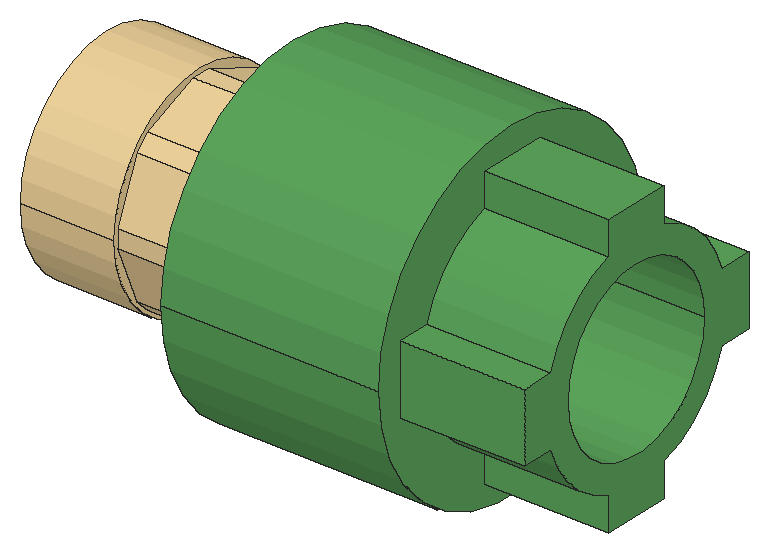
Revit family "Aquatherm_Контрдеталь", category Соединительные детали трубопроводов, Revit 2019
Family settings
  Размер круглого соединителя = Использовать диаметр
  Тип детали = Переход
  На основе рабочей плоскости = Нет
  Всегда вертикально = Да
  При загрузке вырезать с полостями = Нет
  Общий = Нет
Parameters (values of type "SDR 11")
  Материал_Корпус_2 = AquaTherm латунь pipe
  Материал_Корпус = AquaTherm green pipe
  K Coefficient = 0
  z1 [instance] = (L - z) / 2  # 7.25 mm
  z [instance] = size_lookup("Контрдеталь", "z", 18 mm, d, R)  # 47 mm
  r [instance] = R - 6 mm  # 19 mm
  n1 [instance] = z  # 47 mm
  n [instance] = 0 mm  # constant formula
  k [instance] = 15 mm  # constant formula
  d2 [instance] = d + 6 mm  # 26 mm
  d1 [instance] = d - 12 mm  # 8 mm
  URL = "www.agpipe.ru"
  d [instance] = 20 mm
  SW' [instance] = SW - 1 mm  # 23 mm
  SW [instance] = size_lookup("Контрдеталь", "SW", 18 mm, d, R)  # 24 mm
  SDR = 11 mm
  R [instance] = 25 mm
  L [instance] = size_lookup("Контрдеталь", "L", 18 mm, d, R)  # 61.5 mm
  D1 [instance] = D - 6 mm  # 32.5 mm
  D [instance] = size_lookup("Контрдеталь", "D", 18 mm, d, R)  # 38.5 mm
  ADSK_Примечание = ""
  ADSK_Позиция [instance] = ""
  ADSK_Обозначение = ""
  ADSK_Наименование [instance] = size_lookup("Контрдеталь", "ADSK_Наименование", "Нет в каталоге", d, R)  # "Контрдеталь DN20x1''"
  ADSK_Масса_Текст [instance] = size_lookup("Контрдеталь", "ADSK_Масса_Текст", "Нет в каталоге", d, R)  # "0.151"
  ADSK_Код изделия [instance] = size_lookup("Контрдеталь", "ADSK_Код изделия", "Нет в каталоге", d, R)  # "27310"
  ADSK_Завод-изготовитель = "Aquatherm"  # constant formula
  ADSK_Единица измерения = "шт."  # constant formula
  1 [instance] = 1 = 1  # yes
Types (5, lengths in mm): name | SDR
  (no name) | 11
  SDR 6 | 6
  SDR 7.4 | 7.4
  SDR 9 | 9
  SDR 11 | 11
Reference planes
  plane 1 "По центру (Вперед/Назад)": y = 0
  plane 2: z = 0
  plane 3 "По центру (Влево/Вправо)": x = 0
  plane 4: x = -30.75
  plane 5: x = 30.75
  plane 6: x = 16.25
  plane 7: x = -16.25
  plane 8: x = -9
  plane 9: x = -19.875
  plane 10: x = -21.9
  plane 11: x = -30.75
  plane 12: x = 16.25
Forms (mm)
  Extrusion 1, solid, material "AquaTherm green pipe" <- "Материал_Корпус", visible <- "1"
    sketch origin (0, 0, 0) x (0, 1, 0) y (0, 0, 1)
      loop
        circle (0, 0) r 19.25
    from -9 to 16.25
  Extrusion 2, solid, material "AquaTherm латунь pipe" <- "Материал_Корпус_2", visible <- "1"
    sketch origin (0, 0, 0) x (0, 1, 0) y (0, 0, 1)
      loop
        line (-4.971, 12) -> (-12, 4.971) -> (-12, -4.971) -> (-4.971, -12) -> (4.971, -12) -> (12, -4.971) -> (12, 4.971) -> (4.971, 12) -> (-4.971, 12)
    from -5 to -19.875
  Extrusion 3, void
    sketch origin (0, 0, 0) x (0, 1, 0) y (0, 0, 1)
      loop
        line (0, 12.448) -> (-8.802, 8.802) -> (-12.448, 0) -> (-8.802, -8.802) -> (0, -12.448) -> (8.802, -8.802) -> (12.448, 0) -> (8.802, 8.802) -> (0, 12.448)
      loop
        circle (0, 0) r 61.5
    from -19.875 to -9
  Extrusion 4, void
    sketch origin (0, 0, 0) x (0, 1, 0) y (0, 0, 1)
      loop
        circle (0, 0) r 4
    from -5 to -21.9
  Extrusion 5, void
    sketch origin (0, 0, 0) x (0, 1, 0) y (0, 0, 1)
      loop
        circle (0, 0) r 10
    from 16.25 to 30.75
  Extrusion 6, solid, material "AquaTherm латунь pipe" <- "Материал_Корпус_2", visible <- "1"
    sketch origin (0, 0, 0) x (0, 1, 0) y (0, 0, 1)
      loop
        circle (0, 0) r 12.5
    from -19.875 to -30.75
  Extrusion 7, void
    sketch origin (0, 0, 0) x (0, 1, 0) y (0, 0, 1)
      loop
        circle (0, 0) r 4
    from -9 to 16.25
  Extrusion 8, solid, material "AquaTherm green pipe" <- "Материал_Корпус", visible <- "1"
    sketch origin (0, 0, 0) x (0, 1, 0) y (0, 0, 1)
      loop
        circle (0, 0) r 13
    from 16.25 to 30.75
  Extrusion 9, solid, material "AquaTherm green pipe" <- "Материал_Корпус", visible <- "1"
    sketch origin (0, 0, 0) x (0, 1, 0) y (0, 0, 1)
      loop
        line (-4, -16.25) -> (4, -16.25) -> (4, 16.25) -> (-4, 16.25) -> (-4, -16.25)
    from 16.25 to 30.75
  Extrusion 10, solid, material "AquaTherm green pipe" <- "Материал_Корпус", visible <- "1"
    sketch origin (0, 0, 0) x (0, 1, 0) y (0, 0, 1)
      loop
        line (-16.25, 4) -> (-16.25, -4) -> (16.25, -4) -> (16.25, 4) -> (-16.25, 4)
    from 16.25 to 30.75
  Extrusion 11, void
    sketch origin (0, 0, 0) x (0, 1, 0) y (0, 0, 1)
      loop
        circle (0, 0) r 9.5
    from -21.9 to -30.75
Cuts and joins
  Extrusion 3, Extrusion 4, Extrusion 5, Extrusion 11 cuts Extrusion 2
  Extrusion 5 cuts Extrusion 8
  Extrusion 5 cuts Extrusion 9
  Extrusion 5 cuts Extrusion 10
  joined: Extrusion 8, Extrusion 9, Extrusion 10
  Extrusion 4, Extrusion 11 cuts Extrusion 6
  Extrusion 4, Extrusion 5, Extrusion 7, Extrusion 11 cuts Extrusion 1
Lines and regions (mm)
  reference lines
    curve 1: line (-30.75, 0, 0) -> (16.25, 0, 0)
Dimensions and locks
  equal spacing: plane 4, plane 3 "По центру (Влево/Вправо)", plane 5
  "L": plane 4 to plane 5
  equal spacing: Extrusion 2 sketch curve, level, Extrusion 2 sketch curve
  "SW": Extrusion 2 sketch curve to Extrusion 2 sketch curve  (x4)
  equal spacing: Extrusion 2 sketch curve, plane 1 "По центру (Вперед/Назад)", Extrusion 2 sketch curve  (x3)
  equal spacing: Extrusion 3 sketch curve, plane 1 "По центру (Вперед/Назад)", Extrusion 3 sketch curve  (x4)
  "SW'": Extrusion 3 sketch curve to Extrusion 3 sketch curve  (x4)
  "z": plane 4 to plane 6
  "z": plane 7 to plane 5
  equal spacing: Extrusion 9 sketch curve, level, Extrusion 9 sketch curve
  "D1": Extrusion 9 sketch curve to Extrusion 9 sketch curve
  equal spacing: Extrusion 10 sketch curve, plane 1 "По центру (Вперед/Назад)", Extrusion 10 sketch curve
  "D1": Extrusion 10 sketch curve to Extrusion 10 sketch curve
  "z1": plane 7 to plane 8
  equal spacing: plane 4, plane 9, plane 8
  locked: plane 10 to plane 9 at 2.025
  "n": plane 4 to plane 11
  "n1": plane 4 to plane 12
  "D": diameter of Extrusion 1 sketch curve
  "L": radius of Extrusion 3 sketch curve
  "d1": diameter of Extrusion 4 sketch curve
  "d": diameter of Extrusion 5 sketch curve
  "R": diameter of Extrusion 6 sketch curve
  "d1": diameter of Extrusion 7 sketch curve
  "d2": diameter of Extrusion 8 sketch curve
  "r": diameter of Extrusion 11 sketch curve
  locked: Extrusion 2 sketch curve to Extrusion 2 sketch curve (angle 135.00°)  (x4)
  locked: Extrusion 3 sketch curve to Extrusion 3 sketch curve (angle 135.00°)  (x4)
  aligned and locked: level to plane 2
  aligned and locked: Extrusion 4 to Extrusion 2
  aligned and locked: plane 5 to Extrusion 5
  aligned and locked: Extrusion 5 to plane 6
  aligned and locked: plane 6 to Extrusion 7
  aligned and locked: Extrusion 1 to Extrusion 5
  aligned and locked: Extrusion 8 to plane 6
  aligned and locked: plane 5 to Extrusion 8
  aligned and locked: Extrusion 10 to plane 6
  aligned and locked: plane 5 to Extrusion 10
  aligned and locked: Extrusion 9 to plane 6
  aligned and locked: plane 5 to Extrusion 9
  aligned and locked: Extrusion 1 to plane 8
  aligned and locked: Extrusion 3 to Extrusion 1
  aligned and locked: Extrusion 3 to plane 9
  aligned and locked: plane 9 to Extrusion 6
  aligned and locked: Extrusion 6 to plane 4
  aligned and locked: Extrusion 1 to Extrusion 7
  aligned and locked: Extrusion 4 to plane 10
  aligned and locked: plane 10 to Extrusion 11
  aligned and locked: Extrusion 11 to plane 4
  aligned and locked: plane 12 to curve 1
  aligned and locked: plane 11 to curve 1
  aligned and locked: cut or joined group of Extrusion 2, Extrusion 3, Extrusion 4, Extrusion 5, Extrusion 11 to plane 9
Automatic sketch dimensions
  plane 1 "По центру (Вперед/Назад)" to curve 1 = 0 mm
  Extrusion 1 sketch curve to level = 0 mm
  Extrusion 1 sketch curve to plane 1 "По центру (Вперед/Назад)" = 0 mm
  Extrusion 3 sketch curve to plane 1 "По центру (Вперед/Назад)" = 0 mm  (x2)
  Extrusion 3 sketch curve to level = 0 mm  (x2)
  Extrusion 4 sketch curve to level = 0 mm
  Extrusion 4 sketch curve to plane 1 "По центру (Вперед/Назад)" = 0 mm
  Extrusion 5 sketch curve to level = 0 mm
  Extrusion 5 sketch curve to plane 1 "По центру (Вперед/Назад)" = 0 mm
  Extrusion 6 sketch curve to level = 0 mm
  Extrusion 6 sketch curve to plane 1 "По центру (Вперед/Назад)" = 0 mm
  Extrusion 7 sketch curve to level = 0 mm
  Extrusion 7 sketch curve to plane 1 "По центру (Вперед/Назад)" = 0 mm
  Extrusion 8 sketch curve to level = 0 mm
  Extrusion 8 sketch curve to plane 1 "По центру (Вперед/Назад)" = 0 mm
  plane 1 "По центру (Вперед/Назад)" to Extrusion 9 sketch curve = 4 mm
  Extrusion 9 sketch curve to plane 1 "По центру (Вперед/Назад)" = 4 mm
  Extrusion 10 sketch curve to level = 4 mm
  level to Extrusion 10 sketch curve = 4 mm
  Extrusion 11 sketch curve to level = 0 mm
  Extrusion 11 sketch curve to plane 1 "По центру (Вперед/Назад)" = 0 mm
Connectors
  piping at (-30.75, 0, 0), diameter 20, driven by "d"
    settings: on curve 1, index 1, connector inside diameter 609.6 mm, connector length 0 mm, flow factor 0, pipe flow 0.0 L/s, pressure drop 0.0 Pa, fitting loss kfactor 0, connector angle 0.00°, fixture units 0, engagement length 0 mm, angle of deflection 0.00°, flow configuration 0, flow direction 0, fitting loss method 0, system type 28, joint type 0, gender type 0, connector reference index 2, connector utility 0, adjustable connector no, is connector primary yes, connector description ""
  piping at (16.25, 0, 0), diameter 25, driven by "R"
    settings: on curve 1, index 2, connector inside diameter 609.6 mm, connector length 0 mm, flow factor 0, pipe flow 0.0 L/s, pressure drop 0.0 Pa, fitting loss kfactor 0, connector angle 0.00°, fixture units 0, engagement length 0 mm, angle of deflection 0.00°, flow configuration 0, flow direction 0, fitting loss method 0, system type 28, joint type 0, gender type 0, connector reference index 1, connector utility 0, adjustable connector no, is connector primary no, connector description ""
